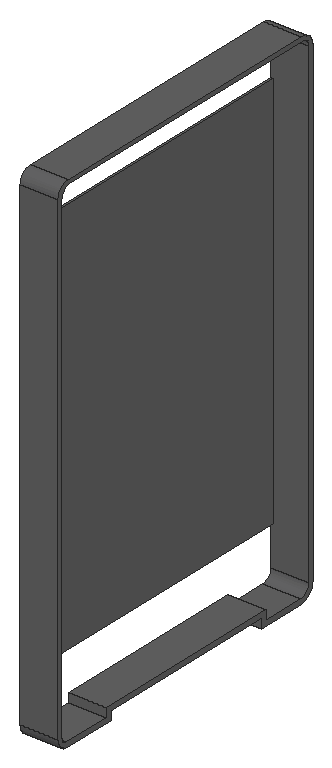
Revit family "1119-S", category Meble, Revit 2021
Family settings
  Numer OmniClass = 23.40.20.00
  Tytuł OmniClass = General Furniture and Specialties
  Oparty na płaszczyźnie roboczej = Nie
  Zawsze pionowo = Tak
  Tnij formami wycięć po wczytaniu = Nie
  Współdzielony = Nie
  Punkt obliczania pomieszczeń = Nie
Parameters (values of type "61119-S")
  metal = Mobilis Design RAL 9004
  Width = "6 cm"
  Weight = "17 kg"
  URL = ""
  Product line = "Centaurus"
  Product Groups = ""
  Manufacturer = ""
  Keynote = ""
  Description = ""
  Model = "1119-S"
  Material = ""
  Maintenance = ""
  Lenght = "50 cm"
  Type Comments = ""
  Mobilis Design Materials = ""
  Hosted on = ""
  Height = "80 cm"
  Domyślna rzędna = 0 mm
  Copyright = "All designs and drawings are the common intellectual property of Lars Laj A/S and Tress and are protected by Danish and international copyright laws."
Reference planes
  plane 1 "front": y = 0
  plane 2: z = 0
  plane 3 "Środek (Lewa/Prawa)": x = 0
Forms (mm)
  Extrusion 1, solid, material "Mobilis Design RAL 9004" <- "metal", not visible
    sketch origin (0, 0, 0) x (0, 1, 0) y (0, 0, 1)
      loop
        arc (71.187, 451.5) -> (57.045, 445.642) -> (51.187, 431.5) r 20
        line (51.187, 431.5) -> (51.187, 18.231)
        arc (51.187, 18.231) -> (56.527, 5.34) -> (69.418, 0) r 18.231
        line (69.418, 0) -> (153.638, 0) -> (153.638, 15) -> (448.638, 15) -> (448.638, 0) -> (527.023, 0)
        arc (527.023, 0) -> (542.307, 6.331) -> (548.638, 21.615) r 21.615
        line (548.638, 21.615) -> (548.638, 429.407)
        arc (548.638, 429.407) -> (542.168, 445.029) -> (526.545, 451.5) r 22.093
        line (526.545, 451.5) -> (71.187, 451.5)
    from 750.378 to 745
  Extrusion 2, solid, material "Mobilis Design RAL 9004" <- "metal", not visible
    sketch origin (0, 0, 0) x (0, 1, 0) y (0, 0, 1)
      loop
        line (548.638, 396.844) -> (629.375, 854.725) -> (601.836, 859.581)
        arc (601.836, 859.581) -> (585.224, 855.898) -> (576.082, 841.547) r 22.232
        line (576.082, 841.547) -> (507.306, 451.5) -> (526.545, 451.5)
        arc (526.545, 451.5) -> (542.168, 445.029) -> (548.638, 429.407) r 22.093
        line (548.638, 429.407) -> (548.638, 396.844)
    from 745 to 750.378
  Extrusion 3, solid, material "Kobenhagen Wood - Larch", not visible
    sketch origin (0, -896.088, 385.255) x (0, 1, 0) y (0, 0, 1)
      loop
        arc (244.222, 429.703) -> (240.686, 428.239) -> (239.222, 424.703) r 5
        line (239.222, 424.703) -> (239.222, 388.972)
        arc (239.222, 388.972) -> (239.796, 387.586) -> (241.182, 387.012) r 1.96
        line (241.182, 387.012) -> (327.222, 387.012)
        arc (327.222, 387.012) -> (328.636, 387.598) -> (329.222, 389.012) r 2
        line (329.222, 389.012) -> (329.222, 424.703)
        arc (329.222, 424.703) -> (327.757, 428.239) -> (324.222, 429.703) r 5
        line (324.222, 429.703) -> (244.222, 429.703)
    from -745.625 to 745.937
  Extrusion 4, solid, material "Kobenhagen Wood - Larch", not visible
    sketch origin (0, -998.538, 385.255) x (0, 1, 0) y (0, 0, 1)
      loop
        arc (252.671, 429.703) -> (249.136, 428.239) -> (247.671, 424.703) r 5
        line (247.671, 424.703) -> (247.671, 388.972)
        arc (247.671, 388.972) -> (248.245, 387.586) -> (249.631, 387.012) r 1.96
        line (249.631, 387.012) -> (335.671, 387.012)
        arc (335.671, 387.012) -> (337.085, 387.598) -> (337.671, 389.012) r 2
        line (337.671, 389.012) -> (337.671, 424.703)
        arc (337.671, 424.703) -> (336.207, 428.239) -> (332.671, 429.703) r 5
        line (332.671, 429.703) -> (252.671, 429.703)
    from -745.625 to 745.937
  Extrusion 5, solid, material "Kobenhagen Wood - Larch", not visible
    sketch origin (0, -1101.038, 385.255) x (0, 1, 0) y (0, 0, 1)
      loop
        arc (275.801, 429.704) -> (261.616, 423.828) -> (255.74, 409.642) r 20.061
        line (255.74, 409.642) -> (258.916, 409.642) -> (258.916, 387.013) -> (344.172, 387.013)
        arc (344.172, 387.013) -> (345.585, 387.598) -> (346.171, 389.012) r 1.999
        line (346.171, 389.012) -> (346.171, 424.706)
        arc (346.171, 424.706) -> (344.707, 428.24) -> (341.173, 429.704) r 4.998
        line (341.173, 429.704) -> (275.801, 429.704)
    from -745.625 to 745.937
  Extrusion 6, solid, material "Mobilis Design RAL 9004" <- "metal", not visible
    sketch origin (0, -896.058, 363.795) x (0, 1, 0) y (0, 0, 1)
      loop
        line (53.936, 431.102) -> (51.187, 431.102) -> (51.187, 407.787) -> (53.936, 407.787) -> (53.936, 431.102)
    from -745.625 to 745.937
  Extrusion 7, solid, material "Kobenhagen Wood - Larch", not visible
    sketch origin (0, 162.946, 385.255) x (0, -1, 0) y (0, 0, -1)
      loop
        line (275.801, -429.704) -> (342.815, -429.704)
        arc (342.815, -429.704) -> (346.349, -428.24) -> (347.813, -424.706) r 4.998
        line (347.813, -424.706) -> (347.813, -389.012)
        arc (347.813, -389.012) -> (347.227, -387.598) -> (345.813, -387.013) r 1.999
        line (345.813, -387.013) -> (258.705, -387.013) -> (258.705, -409.642) -> (255.74, -409.642)
        arc (255.74, -409.642) -> (261.616, -423.828) -> (275.801, -429.704) r 20.061
    from -745.625 to 745.938
  Extrusion 8, solid, material "Mobilis Design RAL 9004" <- "metal", not visible
    sketch origin (0, -41.823, 363.795) x (0, -1, 0) y (0, 0, -1)
      loop
        line (53.936, -431.102) -> (53.936, -407.787) -> (51.187, -407.787) -> (51.187, -431.102) -> (53.936, -431.102)
    from -745.625 to 745.938
  Extrusion 9, solid, material "Kobenhagen Wood - Larch", not visible
    sketch origin (0, -707.338, 385.255) x (0, 1, 0) y (0, 0, 1)
      loop
        arc (244.222, 429.703) -> (240.686, 428.239) -> (239.222, 424.703) r 5
        line (239.222, 424.703) -> (239.222, 388.972)
        arc (239.222, 388.972) -> (239.796, 387.586) -> (241.182, 387.012) r 1.96
        line (241.182, 387.012) -> (327.222, 387.012)
        arc (327.222, 387.012) -> (328.636, 387.598) -> (329.222, 389.012) r 2
        line (329.222, 389.012) -> (329.222, 424.703)
        arc (329.222, 424.703) -> (327.757, 428.239) -> (324.222, 429.703) r 5
        line (324.222, 429.703) -> (244.222, 429.703)
    from -745.625 to 745.937
  Extrusion 10, solid, material "Kobenhagen Wood - Larch", not visible
    sketch origin (0, -809.788, 385.255) x (0, 1, 0) y (0, 0, 1)
      loop
        arc (252.671, 429.703) -> (249.136, 428.239) -> (247.671, 424.703) r 5
        line (247.671, 424.703) -> (247.671, 388.972)
        arc (247.671, 388.972) -> (248.245, 387.586) -> (249.631, 387.012) r 1.96
        line (249.631, 387.012) -> (335.671, 387.012)
        arc (335.671, 387.012) -> (337.085, 387.598) -> (337.671, 389.012) r 2
        line (337.671, 389.012) -> (337.671, 424.703)
        arc (337.671, 424.703) -> (336.207, 428.239) -> (332.671, 429.703) r 5
        line (332.671, 429.703) -> (252.671, 429.703)
    from -745.625 to 745.937
  Extrusion 11, solid, material "Kobenhagen Wood - Larch", not visible
    sketch origin (0, -519.338, 385.255) x (0, 1, 0) y (0, 0, 1)
      loop
        arc (244.222, 429.703) -> (240.686, 428.239) -> (239.222, 424.703) r 5
        line (239.222, 424.703) -> (239.222, 388.972)
        arc (239.222, 388.972) -> (239.796, 387.586) -> (241.182, 387.012) r 1.96
        line (241.182, 387.012) -> (327.222, 387.012)
        arc (327.222, 387.012) -> (328.636, 387.598) -> (329.222, 389.012) r 2
        line (329.222, 389.012) -> (329.222, 424.703)
        arc (329.222, 424.703) -> (327.757, 428.239) -> (324.222, 429.703) r 5
        line (324.222, 429.703) -> (244.222, 429.703)
    from -745.625 to 745.937
  Extrusion 12, solid, material "Kobenhagen Wood - Larch", not visible
    sketch origin (0, -621.788, 385.255) x (0, 1, 0) y (0, 0, 1)
      loop
        arc (252.671, 429.703) -> (249.136, 428.239) -> (247.671, 424.703) r 5
        line (247.671, 424.703) -> (247.671, 388.972)
        arc (247.671, 388.972) -> (248.245, 387.586) -> (249.631, 387.012) r 1.96
        line (249.631, 387.012) -> (335.671, 387.012)
        arc (335.671, 387.012) -> (337.085, 387.598) -> (337.671, 389.012) r 2
        line (337.671, 389.012) -> (337.671, 424.703)
        arc (337.671, 424.703) -> (336.207, 428.239) -> (332.671, 429.703) r 5
        line (332.671, 429.703) -> (252.671, 429.703)
    from -745.625 to 745.937
  Extrusion 13, solid, material "Mobilis Design RAL 9004" <- "metal"
    sketch origin (870, -293.906, 0) x (0, -1, 0) y (0, 0, 1)
      loop
        line (-57.017, 714) -> (-545.312, 714) -> (-545.312, 86) -> (-57.017, 86) -> (-57.017, 714)
    from 890.131 to 893.125
  Extrusion 14, solid, material "Mobilis Design RAL 9004" <- "metal"
    sketch origin (870, -293.906, 0) x (0, 1, 0) y (0, 0, 1)
      loop
        line (551.451, 23.296) -> (551.451, 779.812)
        arc (551.451, 779.812) -> (545.593, 793.955) -> (531.451, 799.812) r 20
        line (531.451, 799.812) -> (71.187, 799.812)
        arc (71.187, 799.812) -> (57.045, 793.955) -> (51.187, 779.812) r 20
        line (51.187, 779.812) -> (51.187, 18.763)
        arc (51.187, 18.763) -> (56.683, 5.495) -> (69.95, 0) r 18.763
        line (69.95, 0) -> (153.638, 0) -> (153.638, 15) -> (451.451, 15) -> (451.451, 0) -> (528.155, 0)
        arc (528.155, 0) -> (544.628, 6.823) -> (551.451, 23.296) r 23.296
      loop
        arc (73.645, 793.812) -> (61.887, 788.942) -> (57.017, 777.184) r 16.628
        line (57.017, 777.184) -> (57.017, 18.763)
        arc (57.017, 18.763) -> (60.315, 10.799) -> (68.279, 7.5) r 11.263
        line (68.279, 7.5) -> (146.138, 7.5) -> (146.138, 22.5) -> (458.951, 22.5) -> (458.951, 7.5) -> (529.516, 7.5)
        arc (529.516, 7.5) -> (540.685, 12.127) -> (545.312, 23.296) r 15.796
        line (545.312, 23.296) -> (545.312, 780.419)
        arc (545.312, 780.419) -> (541.389, 789.89) -> (531.918, 793.812) r 13.394
        line (531.918, 793.812) -> (73.645, 793.812)
    from -893.125 to -833.125
Lines and regions (mm)
  model lines, style "9"
    curve 1: line (264.233, -342.146, 0) -> (264.233, -336.146, 0)
    curve 2: line (264.233, -399.489, 0) -> (264.233, -405.489, 0)
    curve 3: line (-304.767, -99.489, 0) -> (-304.767, -93.489, 0)
    curve 4: line (-304.767, -399.489, 0) -> (-304.767, -405.489, 0)
    curve 5: line (-281.767, -342.146, 0) -> (-281.767, -336.146, 0)
    curve 6: line (-281.767, -399.489, 0) -> (-281.767, -405.489, 0)
    curve 7: line (0, -488.156, 21) -> (0, -482.156, 21)
    curve 8: line (0, -445.5, 21) -> (0, -451.5, 21)
    curve 9: line (0, -437.523, 21.088) -> (0, -431.523, 21.088)
    curve 10: line (0, -744.867, 21.088) -> (0, -750.867, 21.088)
    curve 11: line (0, -42.89, 21) -> (0, -36.89, 21)
Dimensions and locks
  Extrusion 3 sketch curve to Extrusion 3 sketch curve = 90 mm
  Extrusion 3 sketch curve to Extrusion 3 sketch curve = 42.691 mm
  Extrusion 4 sketch curve to Extrusion 4 sketch curve = 90 mm
  Extrusion 4 sketch curve to Extrusion 4 sketch curve = 42.691 mm
  Extrusion 5 sketch curve to Extrusion 5 sketch curve = 42.691 mm
  Extrusion 7 sketch curve to Extrusion 7 sketch curve = 42.691 mm
  Extrusion 9 sketch curve to Extrusion 9 sketch curve = 90 mm
  Extrusion 9 sketch curve to Extrusion 9 sketch curve = 42.691 mm
  Extrusion 10 sketch curve to Extrusion 10 sketch curve = 90 mm
  Extrusion 10 sketch curve to Extrusion 10 sketch curve = 42.691 mm
  Extrusion 11 sketch curve to Extrusion 11 sketch curve = 90 mm
  Extrusion 11 sketch curve to Extrusion 11 sketch curve = 42.691 mm
  Extrusion 12 sketch curve to Extrusion 12 sketch curve = 90 mm
  Extrusion 12 sketch curve to Extrusion 12 sketch curve = 42.691 mm
  Extrusion 14 sketch curve to Extrusion 13 = 494.434 mm
  aligned and locked: level to plane 2
